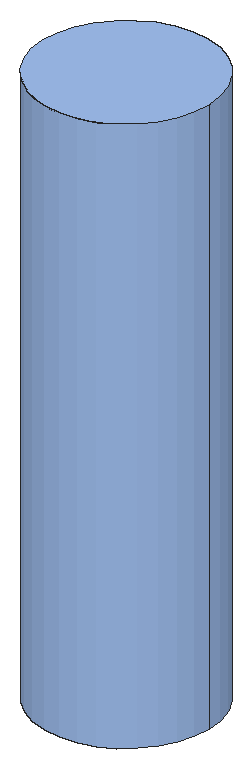
Revit family "$Player_Dog", category Generic Models, Revit 2020
Family settings
  Can host rebar = No
  Round Connector Dimension = Use Diameter
  Part Type = Normal
  Work Plane-Based = No
  Always vertical = Yes
  Cut with Voids When Loaded = No
  Shared = No
  Room Calculation Point = No
Parameters (values of type "SD")
  yes = 2 > 1  # yes
  show_standard [instance] = not(show_overweight)  # yes
  show_overweight [instance] = _property_is_overweight  # no
  no = not(yes)  # no
  mat. = team #1
  _property_team = "team #1"
  _property_positionID = 29
  _property_name = "Jannifer"
  _property_luck = 50
  _property_is_overweight = no
  _property_hold_status = "In Place"
  _property_hold_amount = 2
  _asset_tools = ""
  _asset_skills = ""
  _asset_money = 4020
  _asset_direction = 1
  Default Elevation = 0 mm
Reference planes
  plane 1 "Center (Front/Back)": y = 0
  plane 2: z = 0
  plane 3 "Center (Left/Right)": x = 0
Forms (mm)
  Extrusion 1, solid, material "team #1" <- "mat.", visible <- "show_standard"
    sketch origin (0, 0, 0) x (1, 0, 0) y (0, 1, 0)
      loop
        circle (0, 0) r 260
    from 0 to 1750
  Extrusion 2, solid, material "team #1" <- "mat.", visible <- "show_overweight"
    sketch origin (0, 0, 0) x (1, 0, 0) y (0, 1, 0)
      loop
        circle (0, 0) r 500
    from 0 to 1300
Dimensions and locks
  aligned and locked: plane 2 to level
  aligned and locked: plane 1 "Center (Front/Back)" to nested 1
  aligned and locked: plane 3 "Center (Left/Right)" to nested 1
Nested families
  nested 1: "NAME_SYMBOL" at (0, 0, 0), _property_name <- "_property_name", _property_positionID <- "_property_positionID", type "NAME_SYMBOL"
    with _property_positionID 29, _property_name "Jannifer"
Definition of nested family "NAME_SYMBOL"
  Parameters (values of type "NAME_SYMBOL")
    _property_positionID [instance] = 0
    _property_name [instance] = ""
  Reference planes
    plane 1: y = 0
    plane 2: x = 0
  Lines and regions (mm)
    detail lines
      curve 1: line (-15, -5, 0) -> (15, -5, 0)
      curve 2: line (-15, 5, 0) -> (-15, -5, 0)
      curve 3: line (15, 5, 0) -> (-15, 5, 0)
      curve 4: line (15, -5, 0) -> (15, 5, 0)
  Text (mm)
    label "A\npositionID = _property_positionID" at (0.077, 0.299, 0), shows "_property_name", "_property_positionID"
